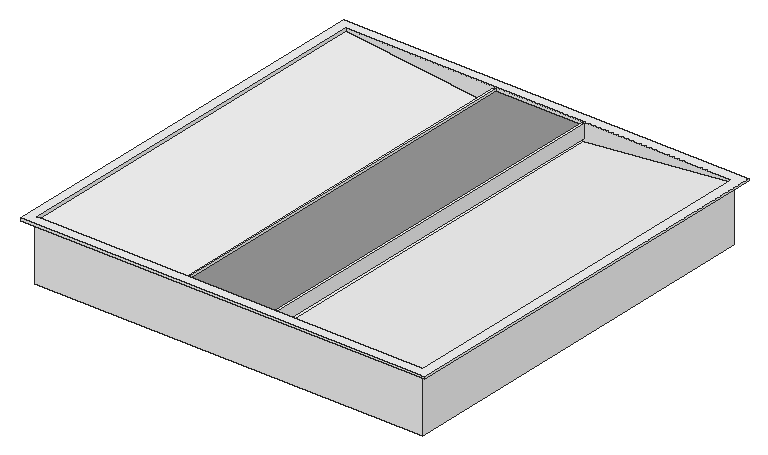
Revit family "2069253", category Lighting Fixtures, host Face, Revit 2017
Family settings
  Host = Face
  Round Connector Dimension = Use Diameter
  Part Type = Normal
  OmniClass Number = 23.80.70.11.17
  OmniClass Title = Specialized Lighting by Location or Use
  Cut with Voids When Loaded = No
  Light Source = Yes
  Shared = No
  Room Calculation Point = No
Parameters (values of type "2069253 OFFICELYTE 600 HO 3K DALI")
  Width_SYL = 595.0 mm
  Weight = "6.0 kg"
  Wattage = 32 W
  WarrantyStartDate [instance] = "n/a"
  WarrantyGuarantorParts = "n/a"
  WarrantyDurationUnit = "n/a"
  WarrantyDurationParts = "n/a"
  WarrantyDescription = "n/a"
  built-in parameter 1150110 = 1 (stored number, unit not read)
  Voltage = 230 V
  URL = "http://www.sylvania-lighting.com"
  TypeName = "OFFICELYTE 600 HO 3K DALI"
  built-in parameter 1114217 = 1 (stored number, unit not read)
  Tilt Angle = -90.00°
  built-in parameter 1150109 = 1 (stored number, unit not read)
  built-in parameter 1150134 = (empty or 0)
  built-in parameter 1150113 = 1 (stored number, unit not read)
  SerialNumber [instance] = "n/a"
  PowerFactor = 0.98
  PowerConsumption = "32 W"
  Photometric Web File = "2069253.ies"
  NominalWidth = 0.0 mm
  NominalLength = 595.0 mm
  NominalHeight = 87.0 mm
  Name = "OFFICELYTE 600 HO 3K DALI"
  ModelReference = "OFFICELYTE 600 HO 3K DALI"
  ModelNumber = "2069253"
  Material = "zintec housing, acrylic diffuser"
  ManufacturerName = "Feilo Sylvania"
  LuminousEfficacy = "135 lm/W"
  LuminaireType = ""
  LightOutputRatio = "100"
  Length_SYL = Width_SYL  # 595.0 mm
  LampsType = Lamp  # "LED"
  LampNominalLuminous = "4314 lm"
  LampMacAdamStep = "n/a"
  LampColourTemperature = "3000 K"
  LampColourRenderingIndex = "80"
  Keynote = "16500"
  InstallationDate [instance] = "n/a"
  InputVoltage = "230-240V~"
  InputNominalFrequency = "50/60 Hz"
  IngressProtection = "IP20"
  ImpactProtectionIndex = "IK02"
  IfcExportType = "IfcLightFixtureType"
  IfcExportAs = "IfcLightFixtureType"
  Height_SYL = 84.0 mm
  ExpectedLife = 50000
  ElectricShockClassification = "Class I"
  DurationUnit = "hours"
  DocumentationLiterature = "http://www.sylvania-lighting.com/product/en-int/products/2069253"
  DimmingControlOptions = "Dimmable"
  Material_2_SYL = Acrylic_Sylvania_Officelyte LP LED_Satin_4000K
  CreatedOn = "8/23/2018"
  CreatedBy = ""
  built-in parameter 1114216 [instance] = 1 (stored number, unit not read)
  Model = "OFFICELYTE 600 HO 3K DALI"
  Manufacturer = "Havells-Sylvania Group"  # constant formula
  built-in parameter 1150105 = 343.77 (stored number, unit not read)
  Lumens = 4320 lm
  built-in parameter 1150115 = 1 (stored number, unit not read)
  built-in parameter 1150137 = (empty or 0)
  built-in parameter 1150139 = (empty or 0)
  built-in parameter 1150112 = 1 (stored number, unit not read)
  built-in parameter 1150114 = 1 (stored number, unit not read)
  Lamp = "LED"
  built-in parameter 1150132 = 2
  built-in parameter 1150102 = (empty or 0)
  built-in parameter 1150107 = 3000 (stored number, unit not read)
  built-in parameter 1150138 = (empty or 0)
  built-in parameter 1150106 = 3.4377 (stored number, unit not read)
  Material_3_SYL = Steel_Sylvania_Officelyte LP LED_White_RAL 9016
  Emit from Rectangle Width = Width_SYL - 31.0 mm  # 564.0 mm
  Emit from Rectangle Length = Length_SYL - 31.0 mm  # 564.0 mm
  Emit Shape Visible in Rendering = no
  built-in parameter 1150104 = 12.542 (stored number, unit not read)
  Dimming Lamp Color Temperature Shift = <None>
  Material_1_SYL = Steel_Sylvania_Officelyte LP LED_White_RAL 9016
  Description = "The Concord OFFICELYTE LP LED HO 4K 600 is a high efficient luminaire for Office, education, meeting rooms. With efficacy of 95lm/W, at 4549lm, CRI of 85 and a very low glare ratio according to EN12464."  # constant formula
  Default Elevation = 0.0 mm
  Color Filter = 16777215
  built-in parameter 1140040 [instance] = 1
  BarCode [instance] = "n/a"
  built-in parameter 1114218 = 1 (stored number, unit not read)
  built-in parameter 1150133 = 10 (stored number, unit not read)
  AssetType = "Fixed"
  AssetIdentifier [instance] = "n/a"
  Assembly Code = "D5020200"
  Apparent Load = 32 VA
Reference planes
  plane 1 "Center (Front/Back)": y = 0
  plane 2: z = 0
  plane 3 "Center (Left/Right)": x = 0
  plane 4 "Fixture Bottom": z = 3
  plane 5 "Fixture Right": x = 297.5
  plane 6 "Profile Right": x = 284
  plane 7 "Profile Left": x = -284
  plane 8 "Fixture Left": x = -297.5
  plane 9 "Profile Back": y = 284
  plane 10 "Fixture Back": y = 297.5
  plane 11 "Fixture Front": y = -297.5
  plane 12: z = -25
  plane 13 "Box Right": x = 286
  plane 14 "Box Left": x = -286
  plane 15 "Box Back": y = 286
  plane 16 "Box Front": y = -286
  plane 17: x = 66.5
  plane 18: x = -66.5
  plane 19 "Difuser Right": x = 63.5
  plane 20 "Difuser Left": x = -63.5
  plane 21: z = -2
  plane 22: z = -4
  plane 23 "Profile Front": y = -284
  plane 24 "Fixture Top": z = -84
  plane 25 "Box Thickness": z = -82
  plane 26: z = -20
Forms (mm)
  Extrusion 1, void
    sketch origin (0, 0, 59) x (-1, 0, 0) y (0, -1, 0)
      loop
        line (-286, -286) -> (286, -286) -> (286, 286) -> (-286, 286) -> (-286, -286)
    from -141 to -56
  Extrusion 2, solid, material "Steel_Sylvania_Officelyte LP LED_White_RAL 9016" <- "Material_3_SYL", detail levels fine
    sketch origin (20, 0, 59) x (-1, 0, 0) y (0, -1, 0)
      loop
        line (-277.5, -297.5) -> (317.5, -297.5) -> (317.5, 297.5) -> (-277.5, 297.5) -> (-277.5, -297.5)
      loop
        line (304, -284) -> (304, 284) -> (-264, 284) -> (-264, -284) -> (304, -284)
    from -59 to -56
  Extrusion 3, solid, material "Steel_Sylvania_Officelyte LP LED_White_RAL 9016" <- "Material_3_SYL", detail levels fine
    sketch origin (0, 0, 0) x (1, 0, 0) y (0, 0, 1)
      loop
        arc (-65.868, -23.244) -> (-175.523, -17.552) -> (-284, -0.537) r 1059.086
        line (-284, -0.537) -> (-284, -2.581)
        arc (-284, -2.581) -> (-175.521, -19.563) -> (-65.868, -25.244) r 1061.086
        line (-65.868, -25.244) -> (65.87, -25.244)
        arc (65.87, -25.244) -> (175.522, -19.563) -> (284, -2.581) r 1061.094
        line (284, -2.581) -> (284, -0.538)
        arc (284, -0.538) -> (175.524, -17.552) -> (65.87, -23.244) r 1059.094
        line (65.87, -23.244) -> (-65.868, -23.244)
    from -284 to 284
  Extrusion 4, solid, material "Steel_Sylvania_Officelyte LP LED_White_RAL 9016" <- "Material_3_SYL", detail levels fine
    sketch origin (0, 0, 59) x (-1, 0, 0) y (0, -1, 0)
      loop
        line (284, -284) -> (284, 284) -> (-284, 284) -> (-284, -284) -> (284, -284)
      loop
        line (286, -286) -> (286, 286) -> (-286, 286) -> (-286, -286) -> (286, -286)
    from -141 to -59
  Extrusion 5, solid, material "Steel_Sylvania_Officelyte LP LED_White_RAL 9016" <- "Material_3_SYL", detail levels fine
    sketch origin (0, 0, 59) x (-1, 0, 0) y (0, -1, 0)
      loop
        line (66.5, -284) -> (66.5, 284) -> (63.5, 284) -> (63.5, -284) -> (66.5, -284)
      loop
        line (-66.5, 284) -> (-66.5, -284) -> (-63.5, -284) -> (-63.5, 284) -> (-66.5, 284)
    from -79 to -59
  Extrusion 6, solid, material "Acrylic_Sylvania_Officelyte LP LED_Satin_4000K" <- "Material_2_SYL", detail levels fine
    sketch origin (0, 0, -581) x (-1, 0, 0) y (0, -1, 0)
      loop
        line (-63.5, -284) -> (63.5, -284) -> (63.5, 284) -> (-63.5, 284) -> (-63.5, -284)
    from 577 to 579
  Extrusion 7, solid, material "Steel_Sylvania_Officelyte LP LED_White_RAL 9016" <- "Material_1_SYL", detail levels coarse+medium
    sketch origin (0, 0, 59) x (-1, 0, 0) y (0, -1, 0)
      loop
        line (297.5, -297.5) -> (297.5, 297.5) -> (-297.5, 297.5) -> (-297.5, -297.5) -> (297.5, -297.5)
    from -59 to -56
  Extrusion 8, solid, material "Steel_Sylvania_Officelyte LP LED_White_RAL 9016" <- "Material_1_SYL", detail levels coarse+medium
    sketch origin (0, 0, -501) x (-1, 0, 0) y (0, -1, 0)
      loop
        line (286, -286) -> (286, 286) -> (-286, 286) -> (-286, -286) -> (286, -286)
    from 417 to 501
  Extrusion 9, solid, material "Steel_Sylvania_Officelyte LP LED_White_RAL 9016" <- "Material_3_SYL", detail levels fine
    sketch origin (0, 0, 59) x (-1, 0, 0) y (0, -1, 0)
      loop
        line (-286, -286) -> (286, -286) -> (286, 286) -> (-286, 286) -> (-286, -286)
    from -143 to -141
Cuts and joins
  joined: Extrusion 2, Extrusion 4, Extrusion 9
  joined: Extrusion 3, Extrusion 5
Lines and regions (mm)
  symbolic lines
    curve 1: line (-297.5, 297.5, 59) -> (297.5, 297.5, 59)
    curve 2: line (-297.5, -297.5, 59) -> (-297.5, 297.5, 59)
    curve 3: line (297.5, -297.5, 59) -> (-297.5, -297.5, 59)
    curve 4: line (297.5, 297.5, 59) -> (297.5, -297.5, 59)
Dimensions and locks
  "Height_SYL": host face to plane 24 "Fixture Top"
  locked: plane 25 "Box Thickness" to plane 24 "Fixture Top" at 2
  "Width_SYL": plane 10 "Fixture Back" to plane 11 "Fixture Front"
  "Length_SYL": plane 8 "Fixture Left" to plane 5 "Fixture Right"
  equal spacing: plane 10 "Fixture Back", plane 1 "Center (Front/Back)", plane 11 "Fixture Front"
  equal spacing: plane 8 "Fixture Left", plane 3 "Center (Left/Right)", plane 5 "Fixture Right"
  locked: plane 18 to plane 20 "Difuser Left" at 3
  locked: plane 19 "Difuser Right" to plane 17 at 3
  plane 8 "Fixture Left" to plane 14 "Box Left" to plane 7 "Profile Left" = 11.5 mm locked, 2.0 mm locked
  plane 10 "Fixture Back" to plane 15 "Box Back" to plane 9 "Profile Back" = 11.5 mm locked, 2.0 mm locked
  plane 6 "Profile Right" to plane 13 "Box Right" to plane 5 "Fixture Right" = 2.0 mm locked, 11.5 mm locked
  plane 23 "Profile Front" to plane 16 "Box Front" to plane 11 "Fixture Front" = 2.0 mm locked, 11.5 mm locked
  plane 4 "Fixture Bottom" to plane 2 to plane 21 to plane 22 to plane 12 = 3.0 mm locked, 2.0 mm locked, 2.0 mm locked, 21.0 mm locked
  aligned and locked: plane 2 to host face
  aligned and locked: level to host face
  aligned and locked: plane 1 "Center (Front/Back)" to imposter light
  aligned and locked: plane 10 "Fixture Back" to Extrusion 2
  aligned and locked: plane 8 "Fixture Left" to Extrusion 2
  aligned and locked: Extrusion 2 to plane 7 "Profile Left"
  aligned and locked: Extrusion 2 to plane 5 "Fixture Right"
  aligned and locked: plane 6 "Profile Right" to Extrusion 2
  aligned and locked: Extrusion 2 to plane 11 "Fixture Front"
  aligned and locked: plane 4 "Fixture Bottom" to Extrusion 2
  aligned and locked: plane 18 to Extrusion 5 sketch curve
  aligned and locked: Extrusion 5 sketch curve to plane 17
  aligned and locked: plane 19 "Difuser Right" to Extrusion 5 sketch curve
  aligned and locked: Extrusion 5 sketch curve to plane 20 "Difuser Left"
  aligned and locked: plane 19 "Difuser Right" to Extrusion 6 sketch curve
  aligned and locked: Extrusion 6 sketch curve to plane 20 "Difuser Left"
  aligned and locked: plane 21 to Extrusion 6
  aligned and locked: Extrusion 6 to plane 22
  aligned and locked: Extrusion 7 sketch curve to plane 10 "Fixture Back"
  aligned and locked: plane 5 "Fixture Right" to Extrusion 7 sketch curve
  aligned and locked: plane 11 "Fixture Front" to Extrusion 7 sketch curve
  aligned and locked: Extrusion 7 sketch curve to plane 8 "Fixture Left"
  aligned and locked: plane 4 "Fixture Bottom" to Extrusion 7
  aligned and locked: Extrusion 8 to plane 24 "Fixture Top"
  aligned and locked: level to Extrusion 8
  aligned and locked: plane 5 "Fixture Right" to curve 4
  aligned and locked: curve 1 to plane 10 "Fixture Back"
  aligned and locked: curve 2 to plane 8 "Fixture Left"
  aligned and locked: plane 11 "Fixture Front" to curve 3
  aligned and locked: plane 9 "Profile Back" to Extrusion 4
  aligned and locked: Extrusion 4 sketch curve to plane 9 "Profile Back"
  aligned and locked: Extrusion 4 to Extrusion 1
  aligned and locked: imposter light to Extrusion 1
  aligned and locked: Extrusion 9 to plane 24 "Fixture Top"
  aligned and locked: plane 25 "Box Thickness" to Extrusion 9
  aligned and locked: cut or joined group of Extrusion 2, Extrusion 4, Extrusion 9 to plane 25 "Box Thickness"
  aligned and locked: Extrusion 4 sketch curve to plane 13 "Box Right"
  aligned and locked: plane 15 "Box Back" to Extrusion 4 sketch curve
  aligned and locked: Extrusion 4 sketch curve to plane 14 "Box Left"
  aligned and locked: plane 16 "Box Front" to Extrusion 4 sketch curve
  aligned and locked: Extrusion 9 sketch curve to plane 16 "Box Front"
  aligned and locked: plane 13 "Box Right" to Extrusion 9 sketch curve
  aligned and locked: Extrusion 9 sketch curve to plane 15 "Box Back"
  aligned and locked: Extrusion 9 sketch curve to plane 14 "Box Left"
  aligned and locked: plane 7 "Profile Left" to cut or joined group of Extrusion 3, Extrusion 5
  aligned and locked: cut or joined group of Extrusion 3, Extrusion 5 to plane 6 "Profile Right"
  aligned and locked: plane 9 "Profile Back" to cut or joined group of Extrusion 3, Extrusion 5
  aligned and locked: cut or joined group of Extrusion 3, Extrusion 5 to plane 23 "Profile Front"
  aligned and locked: plane 23 "Profile Front" to Extrusion 5 sketch curve
  aligned and locked: Extrusion 5 sketch curve to plane 9 "Profile Back"
  aligned and locked: Extrusion 8 sketch curve to plane 13 "Box Right"
  aligned and locked: plane 15 "Box Back" to Extrusion 8 sketch curve
  aligned and locked: plane 16 "Box Front" to Extrusion 8 sketch curve
  aligned and locked: plane 14 "Box Left" to Extrusion 8 sketch curve
  aligned and locked: Extrusion 1 sketch curve to Extrusion 8  (x4)
  aligned and locked: Extrusion 6 sketch curve to plane 23 "Profile Front"
  aligned and locked: plane 9 "Profile Back" to Extrusion 6 sketch curve
  aligned and locked: cut or joined group of Extrusion 3, Extrusion 5 to plane 26
  aligned and locked: plane 4 "Fixture Bottom" to imposter light
Automatic sketch dimensions
  host sketch curve to host sketch curve = 1305.563 mm
  host sketch curve to host sketch curve = 1414.187 mm
  Extrusion 2 sketch curve to plane 5 "Fixture Right" = 0.0 mm
  Extrusion 2 sketch curve to plane 6 "Profile Right" = 0.0 mm
  Extrusion 2 sketch curve to plane 7 "Profile Left" = 0.0 mm
  Extrusion 2 sketch curve to plane 8 "Fixture Left" = 0.0 mm
  Extrusion 2 sketch curve to plane 10 "Fixture Back" = 0.0 mm
  plane 9 "Profile Back" to Extrusion 2 sketch curve = 0.0 mm
  Extrusion 2 sketch curve to plane 23 "Profile Front" = 0.0 mm
  Extrusion 2 sketch curve to plane 11 "Fixture Front" = 0.0 mm
  Extrusion 3 sketch curve to Extrusion 3 sketch curve = 0.0 mm  (x2)
  Extrusion 3 sketch curve to Extrusion 3 sketch curve = 0.001 mm  (x2)
  Extrusion 3 sketch curve to level = 0.537 mm
  plane 14 "Box Left" to Extrusion 3 sketch curve = 2.0 mm
  Extrusion 3 sketch curve to plane 12 = 0.244 mm
  plane 18 to Extrusion 3 sketch curve = 0.632 mm
  Extrusion 3 sketch curve to plane 17 = 0.63 mm
  Extrusion 3 sketch curve to level = 0.538 mm
  Extrusion 3 sketch curve to plane 13 "Box Right" = 2.0 mm
  Extrusion 3 sketch curve to level = 23.244 mm
  Extrusion 4 sketch curve to plane 6 "Profile Right" = 0.0 mm
  Extrusion 4 sketch curve to plane 7 "Profile Left" = 0.0 mm
  Extrusion 4 sketch curve to plane 23 "Profile Front" = 0.0 mm
  Extrusion 5 sketch curve to plane 9 "Profile Back" = 0.0 mm
  Extrusion 5 sketch curve to plane 23 "Profile Front" = 0.0 mm
Connectors
  electrical at (0, 0, -84), driven by "Apparent Load"
    settings: on Extrusion 8, index 1, voltage 230 V, apparent load 0 VA, apparent load phase1 32 VA, apparent load phase2 0 VA, apparent load phase3 0 VA, power factor 1, load classification "Lighting", number of poles 1, system type 31, power factor state 1, is connector primary yes, connector utility no, sub classification motor no, connector description ""
